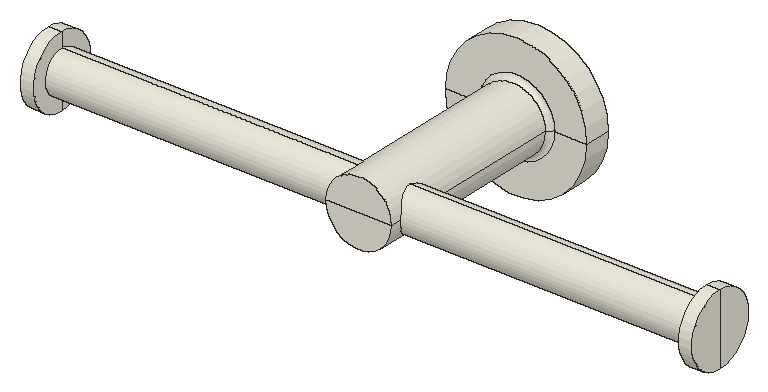
Revit family "Reece_Accessory_Sussex_Scala_Double Toilet Roll Holder", category Plumbing Fixtures, Revit 2018
Family settings
  Round Connector Dimension = Use Diameter
  Part Type = Normal
  Work Plane-Based = Yes
  Always vertical = Yes
  Cut with Voids When Loaded = Yes
  Shared = Yes
  Room Calculation Point = Yes
Parameters (values of type "PVD Brushed Platinum Gold")
  URL = "https://www.reece.com.au/product/-2268351"
  Type Comments = "Accessory"
  Reece_Product_Web Page = "https://www.reece.com.au/product/-2268351"
  Reece_Product_Type = "Accessory"  # constant formula
  Reece_Product_Sub Brand = "Scala"  # constant formula
  Reece_Product_Number = "2268351"
  Reece_Product_Mount = "Wall Mounted"
  Reece_Product_Description = "Sussex Scala Double Toilet Roll Holder LUX PVD Brushed Platinum Gold"
  Reece_Product_Brand = "Sussex"  # constant formula
  Reece_Overall_Projection = 86.50 mm  # constant formula
  Reece_Overall_Length = 256.00 mm  # constant formula
  Reece_Material_Main = Reece_PVD_Brushed_Platinum Gold
  Reece_Height_From_Level [instance] = 800.00 mm
  Reece_Detail_Installation = "Double Toilet Roll Holder"  # constant formula
  Reece_Detail_Disclaimer = "THIS FILE IS THE PROPERTY OF THE REECE GROUP. IT MAY NOT BE REPRODUCED, REVERSE-ENGINEERED OR MODIFIED. ANY REPUBLICATION, TRANSMISSION OR DISTRIBUTION FOR THE PURPOSE OF COMMERCIALLY EXPLOITING THE FILES IS PROHIBITED."  # constant formula
  Model = "Scala"
  Manufacturer = "Sussex"
  Keynote = "Product #2268351, Reece_Accessory_Sussex_Scala_Double Toilet Roll Holder - PVD Brushed Platinum Gold"
  Disclaimer = "THIS FILE IS THE PROPERTY OF THE REECE GROUP. IT MAY NOT BE REPRODUCED, REVERSE-ENGINEERED OR MODIFIED. ANY REPUBLICATION, TRANSMISSION OR DISTRIBUTION FOR THE PURPOSE OF COMMERCIALLY EXPLOITING THE FILES IS PROHIBITED."  # constant formula
  Description = "Scala Double Toilet Roll Holder LUX PVD Brushed Platinum Gold"
  Default Elevation = 0.00 mm
Types (2, lengths in mm): name | URL | Reece_Product_Web Page | Reece_Product_Number | Reece_Product_Description | Reece_Material_Main | Keynote | Description
  Chrome | "https://www.reece.com.au/product/-2262934" | "https://www.reece.com.au/product/-2262934" | "2262934" | "Sussex Scala Double Toilet Roll Holder Chrome" | Reece_Brass_Chrome | "Product #2262934, Reece_Accessory_Sussex_Scala_Double Toilet Roll Holder - Chrome" | "Scala Double Toilet Roll Holder Chrome"
  PVD Brushed Platinum Gold | "https://www.reece.com.au/product/-2268351" | "https://www.reece.com.au/product/-2268351" | "2268351" | "Sussex Scala Double Toilet Roll Holder LUX PVD Brushed Platinum Gold" | Reece_PVD_Brushed_Platinum Gold | "Product #2268351, Reece_Accessory_Sussex_Scala_Double Toilet Roll Holder - PVD Brushed Platinum Gold" | "Scala Double Toilet Roll Holder LUX PVD Brushed Platinum Gold"
Reference planes
  plane 1 "Center (Front/Back)": y = 0
  plane 2 "Bottom Host Plane": z = 0
  plane 3 "Center (Left/Right)": x = 0
  plane 4 "Roll Height": z = 800
  plane 5: z = -5
  plane 6: y = -85
  plane 7: x = 0
  plane 8: x = 128
  plane 9: x = -128
  plane 10: z = 813.5
  plane 11: z = 986.5
  plane 12: z = 808
  plane 13: z = 792
  plane 14: y = -73
  plane 15: y = -86.5
  plane 16: z = 813.5
  plane 17: z = 786.5
Forms (mm)
  Revolve 1, solid, material "Reece_PVD_Brushed_Platinum Gold" <- "Reece_Material_Main"
    sketch origin (0, 0, 800) x (0, 1, 0) y (-1, 0, 0)
      loop
        line (0, 0) -> (-7.907, 0) -> (-85, 0) -> (-85, -12.5) -> (-12, -12.5)
        arc (-12, -12.5) -> (-10.586, -13.086) -> (-10, -14.5) r 2
        line (-10, -14.5) -> (-10, -27) -> (0, -27) -> (0, 0)
      axis (0, 0) -> (-85, 0)
    angle from 0 to 360
  Revolve 2, solid, material "Reece_PVD_Brushed_Platinum Gold" <- "Reece_Material_Main"
    sketch origin (0, -73, 256.419) x (0, 0, -1) y (-1, 0, 0)
      loop
        line (-551.581, -123) -> (-557.081, -123) -> (-557.081, -128) -> (-543.581, -128) -> (-543.581, 128) -> (-557.081, 128) -> (-557.081, 123) -> (-551.581, 123) -> (-551.581, -123)
      axis (-543.581, 128) -> (-543.581, -128)
    angle from 0 to 360
Cuts and joins
  joined: Revolve 1, Revolve 2
Lines and regions (mm)
  model lines, style "InvisibleLines"
    curve 1: line (0, 0, -5) -> (0, 0, 800)
Text (mm)
  text "Reece ©" at (2535.266, -2331.773, 3149.773), in view "Reece Preview"
  text "Reece Copyright © 2018, Reece Ltd." at (29.365, -148.756, 0), in view "Ref. Level"
Dimensions and locks
  locked: plane 2 "Bottom Host Plane" to level
  locked: level to plane 5 at 5
  "Reece_Overall_Length": plane 8 to plane 9
  plane 12 to plane 13 = 16.00 mm
  plane 14 to plane 1 "Center (Front/Back)" = 73.00 mm
  equal spacing: plane 8, plane 7, plane 9
  "Reece_Height_From_Level": plane 4 "Roll Height" to level
  locked: plane 17 to plane 4 "Roll Height" at 13.5
  locked: plane 16 to plane 4 "Roll Height" at 13.5
  locked: Revolve 2 sketch curve to Revolve 2 sketch curve at 8
  locked: plane 4 "Roll Height" to plane 12 at 8
  aligned and locked: Revolve 1 sketch curve to plane 3 "Center (Left/Right)"
  aligned and locked: plane 4 "Roll Height" to curve 1
  aligned and locked: plane 5 to curve 1
  aligned and locked: Revolve 2 sketch curve to plane 4 "Roll Height"
  aligned and locked: plane 16 to plane 10
Automatic sketch dimensions
  curve 1 to plane 3 "Center (Left/Right)" = 0.00 mm
  Revolve 1 sketch curve to plane 3 "Center (Left/Right)" = 0.00 mm
  Revolve 1 sketch curve to plane 6 = 0.00 mm
  plane 1 "Center (Front/Back)" to Revolve 1 sketch curve = 0.00 mm
  plane 1 "Center (Front/Back)" to Revolve 1 sketch curve = 12.00 mm
  Revolve 1 sketch curve to Revolve 1 sketch curve = 2.00 mm
  Revolve 1 sketch curve to Revolve 1 sketch curve = 7.907 mm
  plane 3 "Center (Left/Right)" to Revolve 1 sketch curve = 12.50 mm
  plane 15 to Revolve 1 sketch curve = 32.952 mm
  Revolve 1 sketch curve to plane 1 "Center (Front/Back)" = 40.548 mm
  Revolve 2 sketch curve to plane 9 = 0.00 mm
  Revolve 2 sketch curve to plane 4 "Roll Height" = 0.00 mm
  Revolve 2 sketch curve to plane 10 = 0.00 mm  (x2)
  plane 9 to Revolve 2 sketch curve = 5.00 mm
  Revolve 2 sketch curve to plane 8 = 50.493 mm
  Revolve 2 sketch curve to Revolve 2 sketch curve = 33.007 mm
  Revolve 1 sketch curve to Revolve 1 sketch curve = 12.50 mm
  plane 8 to Revolve 2 sketch curve = 0.00 mm
  Revolve 2 sketch curve to Revolve 2 sketch curve = 5.00 mm
